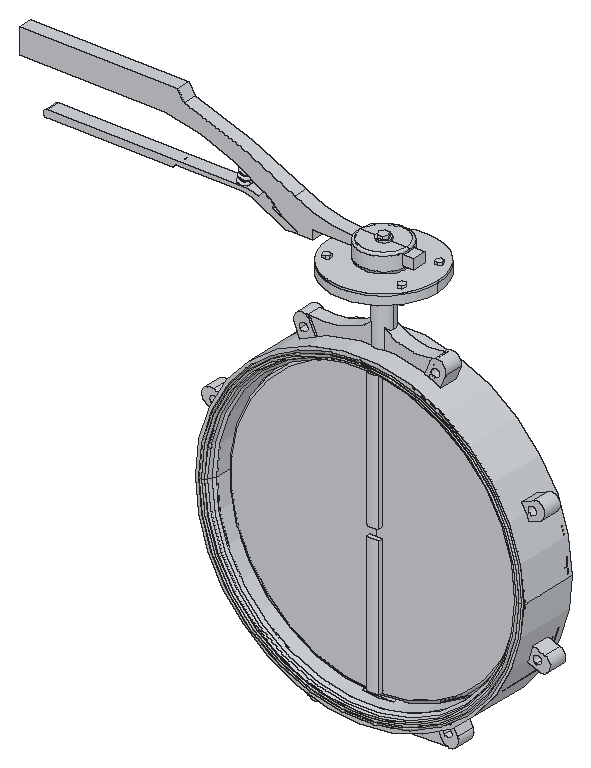
Revit family "R59FLY025", category Plumbing Fixtures, Revit 2015
Reference planes
  plane 1 "Center (Front/Back)": y = 0
  plane 2: z = 0
  plane 3 "Center (Left/Right)": x = 0
  plane 4: z = 274
  plane 5: x = -416
  plane 6: z = 376
  plane 7: z = -200
  plane 8: z = -30
  plane 9: z = 304
  plane 10: z = -30
  plane 11: y = -34.488
  plane 12: y = 34.012
  plane 13: x = -28.994
Forms (mm)
  Extrusion 1, solid
    sketch origin (0, 0, 264) x (1, 0, 0) y (0, 1, 0)
      loop
        circle (0, 0) r 62.5
    from 0 to 10
  Extrusion 2, solid
    sketch origin (0, 45.948, -6.573) x (1, 0, 0) y (0, 0, 1)
      loop
        arc (-96.679, 319.319) -> (-160.037, 348.333) -> (-226.103, 370.497) r 659.286
        line (-226.103, 370.497) -> (-233.075, 382.573) -> (-416, 382.573) -> (-416, 353.639) -> (-247.687, 353.639)
        arc (-247.687, 353.639) -> (-166.02, 330.17) -> (-97.024, 280.573) r 248.649
        line (-97.024, 280.573) -> (-75.568, 280.573) -> (-75.568, 291.199) -> (41.486, 291.199) -> (41.486, 302.179) -> (-30.767, 302.179)
        arc (-30.767, 302.179) -> (-64.704, 306.978) -> (-96.679, 319.319) r 150.722
    from 37.966 to 54.11
  Extrusion 3, solid
    sketch origin (-57.783, 45.948, -76.087) x (1, 0, 0) y (0, 0, 1)
      loop
        line (-96.037, 377.009) -> (-326.453, 377.009)
        arc (-326.453, 377.009) -> (-330.721, 372.741) -> (-326.453, 368.473) r 4.268
        line (-326.453, 368.473) -> (-181.017, 368.473) -> (-177.189, 372.301) -> (-103.305, 372.301)
        arc (-103.305, 372.301) -> (-95.507, 371.471) -> (-88.058, 369.019) r 37.057
        arc (-88.058, 369.019) -> (-68.407, 360.05) -> (-49.241, 350.087) r 421.945
        line (-49.241, 350.087) -> (-34.866, 350.087)
        arc (-34.866, 350.087) -> (-48.985, 359.43) -> (-64, 367.252) r 162.429
        line (-64, 367.252) -> (-63.437, 371.843) -> (-74.98, 380.231) -> (-80.609, 372.485)
        arc (-80.609, 372.485) -> (-88.159, 375.309) -> (-96.037, 377.009) r 55.494
    from 37.966 to 54.11
  Extrusion 4, solid
    sketch origin (0, 0, -76.95) x (1, 0, 0) y (0, 1, 0)
      loop
        circle (0, 0) r 12
    from 259.167 to 340.95
  Revolve 5, solid
    sketch origin (0, 0, 0) x (0, 1, 0) y (0, 0, 1)
      loop
        line (-1.078, -174.056) -> (1.078, -174.056) -> (1.078, -173.121)
        arc (1.078, -173.121) -> (1.953, -171.688) -> (3.478, -170.985) r 2.888
        line (3.478, -170.985) -> (6.599, -170.985)
        arc (6.599, -170.985) -> (9.772, -169.243) -> (11.11, -165.88) r 5.351
        line (11.11, -165.88) -> (11.11, 0) -> (-11.11, 0) -> (-11.11, -168.315)
        arc (-11.11, -168.315) -> (-10.328, -170.203) -> (-8.44, -170.985) r 2.67
        line (-8.44, -170.985) -> (-3.478, -170.985)
        arc (-3.478, -170.985) -> (-1.953, -171.688) -> (-1.078, -173.121) r 2.888
        line (-1.078, -173.121) -> (-1.078, -174.056)
      axis (11.11, 0) -> (-11.11, 0)
    angle from 0 to 360
  Blend 6, solid
    base sketch origin (0, 0, -4.163) x (1, 0, 0) y (0, 1, 0)
      loop
        line (-6.883, 16.4) -> (-6.883, -16.4)
        arc (-6.883, -16.4) -> (0, -18.078) -> (6.883, -16.4) r 14.953
        line (6.883, -16.4) -> (6.883, 16.4)
        arc (6.883, 16.4) -> (0, 18.078) -> (-6.883, 16.4) r 14.953
    top sketch origin (0, 0, 0) x (1, 0, 0) y (0, 1, 0)
      loop
        line (-6.883, 16.4) -> (-6.883, -16.4)
        arc (-6.883, -16.4) -> (0, -18.078) -> (6.883, -16.4) r 14.953
        line (6.883, -16.4) -> (6.883, 16.4)
        arc (6.883, 16.4) -> (0, 18.078) -> (-6.883, 16.4) r 14.953
    from 10.163 to 165
  Blend 7, solid
    base sketch origin (0, 0, -38.601) x (0, -1, 0) y (1, 0, 0)
      loop
        line (-16.4, -6.883) -> (16.4, -6.883)
        arc (16.4, -6.883) -> (18.078, 0) -> (16.4, 6.883) r 14.953
        line (16.4, 6.883) -> (-16.4, 6.883)
        arc (-16.4, 6.883) -> (-18.078, 0) -> (-16.4, -6.883) r 14.953
    top sketch origin (0, 0, -35.117) x (0, -1, 0) y (1, 0, 0)
      loop
        line (-16.4, -6.883) -> (16.4, -6.883)
        arc (16.4, -6.883) -> (18.078, 0) -> (16.4, 6.883) r 14.953
        line (16.4, 6.883) -> (-16.4, 6.883)
        arc (-16.4, 6.883) -> (-18.078, 0) -> (-16.4, -6.883) r 14.953
    from -127.676 to 29.117
  Extrusion 8, solid
    sketch origin (-55.072, 0, 115.013) x (0.99863, 0, -0.052336) y (0.052336, 0, 0.99863)
      loop
        line (-18.251, 60.114) -> (-25.459, 74.264)
        arc (-25.459, 74.264) -> (-38.908, 78.635) -> (-43.28, 65.186) r 10
        line (-43.28, 65.186) -> (-36.072, 51.036) -> (-18.251, 60.114)
      loop
        circle (-32.1, 65.269) r 5
    from -10.546 to 10.991
  Extrusion 9, solid
    sketch origin (42.384, 0, 120.268) x (0.669131, 0, -0.743145) y (0.743145, 0, 0.669131)
      loop
        line (-18.251, 60.114) -> (-25.459, 74.264)
        arc (-25.459, 74.264) -> (-38.908, 78.635) -> (-43.28, 65.186) r 10
        line (-43.28, 65.186) -> (-36.072, 51.036) -> (-18.251, 60.114)
      loop
        circle (-32.1, 65.269) r 5
    from -10.546 to 10.991
  Extrusion 10, solid
    sketch origin (115.013, 0, 55.072) x (-0.052336, 0, -0.99863) y (0.99863, 0, -0.052336)
      loop
        line (-18.251, 60.114) -> (-25.459, 74.264)
        arc (-25.459, 74.264) -> (-38.908, 78.635) -> (-43.28, 65.186) r 10
        line (-43.28, 65.186) -> (-36.072, 51.036) -> (-18.251, 60.114)
      loop
        circle (-32.1, 65.269) r 5
    from -10.546 to 10.991
  Extrusion 11, solid
    sketch origin (120.268, 0, -42.384) x (-0.743145, 0, -0.669131) y (0.669131, 0, -0.743145)
      loop
        line (-18.251, 60.114) -> (-25.459, 74.264)
        arc (-25.459, 74.264) -> (-38.908, 78.635) -> (-43.28, 65.186) r 10
        line (-43.28, 65.186) -> (-36.072, 51.036) -> (-18.251, 60.114)
      loop
        circle (-32.1, 65.269) r 5
    from -10.546 to 10.991
  Extrusion 12, solid
    sketch origin (55.072, 0, -115.013) x (-0.99863, 0, 0.052336) y (-0.052336, 0, -0.99863)
      loop
        line (-18.251, 60.114) -> (-25.459, 74.264)
        arc (-25.459, 74.264) -> (-38.908, 78.635) -> (-43.28, 65.186) r 10
        line (-43.28, 65.186) -> (-36.072, 51.036) -> (-18.251, 60.114)
      loop
        circle (-32.1, 65.269) r 5
    from -10.546 to 10.991
  Extrusion 13, solid
    sketch origin (-42.384, 0, -120.268) x (-0.669131, 0, 0.743145) y (-0.743145, 0, -0.669131)
      loop
        line (-18.251, 60.114) -> (-25.459, 74.264)
        arc (-25.459, 74.264) -> (-38.908, 78.635) -> (-43.28, 65.186) r 10
        line (-43.28, 65.186) -> (-36.072, 51.036) -> (-18.251, 60.114)
      loop
        circle (-32.1, 65.269) r 5
    from -10.546 to 10.991
  Extrusion 14, solid
    sketch origin (-115.013, 0, -55.072) x (0.052336, 0, 0.99863) y (-0.99863, 0, 0.052336)
      loop
        line (-18.251, 60.114) -> (-25.459, 74.264)
        arc (-25.459, 74.264) -> (-38.908, 78.635) -> (-43.28, 65.186) r 10
        line (-43.28, 65.186) -> (-36.072, 51.036) -> (-18.251, 60.114)
      loop
        circle (-32.1, 65.269) r 5
    from -10.546 to 10.991
  Extrusion 15, solid
    sketch origin (-120.268, 0, 42.384) x (0.743145, 0, 0.669131) y (-0.669131, 0, 0.743145)
      loop
        line (-18.251, 60.114) -> (-25.459, 74.264)
        arc (-25.459, 74.264) -> (-38.908, 78.635) -> (-43.28, 65.186) r 10
        line (-43.28, 65.186) -> (-36.072, 51.036) -> (-18.251, 60.114)
      loop
        circle (-32.1, 65.269) r 5
    from -10.546 to 10.991
  Extrusion 16, solid
    sketch origin (80.376, -27.447, 276) x (0, -1, 0) y (1, 0, 0)
      loop
        line (3.99, -123.113) -> (0.805, -120.344) -> (-3.184, -121.718) -> (-3.99, -125.86) -> (-0.805, -128.628) -> (3.184, -127.254) -> (3.99, -123.113)
    from 0 to 3
  Extrusion 17, solid
    sketch origin (80.376, -27.447, 256) x (0, -1, 0) y (1, 0, 0)
      loop
        circle (0, -124.486) r 3
    from 2.505 to 20
  Extrusion 18, solid
    sketch origin (80.376, -27.447, 263) x (0, -1, 0) y (1, 0, 0)
      loop
        line (3.99, -123.113) -> (0.805, -120.344) -> (-3.184, -121.718) -> (-3.99, -125.86) -> (-0.805, -128.628) -> (3.184, -127.254) -> (3.99, -123.113)
      loop
        line (-3.444, -125.672) -> (-0.695, -128.061) -> (2.749, -126.876) -> (3.444, -123.301) -> (0.695, -120.911) -> (-2.749, -122.097) -> (-3.444, -125.672)
    from -1.968 to 1
  Extrusion 19, solid, not visible
    sketch origin (26.117, -96.518, 104.233) x (0, -1, 0) y (1, 0, 0)
      loop
        line (3.99, -123.113) -> (0.805, -120.344) -> (-3.184, -121.718) -> (-3.99, -125.86) -> (-0.805, -128.628) -> (3.184, -127.254) -> (3.99, -123.113)
    from 0 to 3
  Extrusion 20, solid, not visible
    sketch origin (26.117, -96.518, 84.233) x (0, -1, 0) y (1, 0, 0)
      loop
        circle (0, -124.486) r 3
    from 2.505 to 20
  Extrusion 21, solid, not visible
    sketch origin (26.117, -96.518, 91.233) x (0, -1, 0) y (1, 0, 0)
      loop
        line (3.99, -123.113) -> (0.805, -120.344) -> (-3.184, -121.718) -> (-3.99, -125.86) -> (-0.805, -128.628) -> (3.184, -127.254) -> (3.99, -123.113)
      loop
        line (-3.444, -125.672) -> (-0.695, -128.061) -> (2.749, -126.876) -> (3.444, -123.301) -> (0.695, -120.911) -> (-2.749, -122.097) -> (-3.444, -125.672)
    from -1.968 to 1
  Extrusion 22, solid
    sketch origin (0, 0, 274) x (1, 0, 0) y (0, 1, 0)
      loop
        circle (0, 0) r 62.5
    from 0 to 2
  Extrusion 23, solid
    sketch origin (80.376, -27.447, 276) x (0, -1, 0) y (1, 0, 0)
      loop
        line (-58.884, -123.113) -> (-58.079, -127.254) -> (-54.09, -128.628) -> (-50.905, -125.86) -> (-51.71, -121.718) -> (-55.7, -120.344) -> (-58.884, -123.113)
    from 0 to 3
  Extrusion 24, solid
    sketch origin (80.376, -27.447, 256) x (0, -1, 0) y (1, 0, 0)
      loop
        circle (-54.895, -124.486) r 3
    from 2.505 to 20
  Extrusion 25, solid
    sketch origin (80.376, -27.447, 263) x (0, -1, 0) y (1, 0, 0)
      loop
        line (-58.884, -123.113) -> (-58.079, -127.254) -> (-54.09, -128.628) -> (-50.905, -125.86) -> (-51.71, -121.718) -> (-55.7, -120.344) -> (-58.884, -123.113)
      loop
        line (-51.451, -125.672) -> (-52.146, -122.097) -> (-55.59, -120.911) -> (-58.339, -123.301) -> (-57.644, -126.876) -> (-54.2, -128.061) -> (-51.451, -125.672)
    from -1.968 to 1
  Extrusion 26, solid
    sketch origin (-81.626, 27.447, 276) x (0, 1, 0) y (-1, 0, 0)
      loop
        line (-58.884, -123.113) -> (-58.079, -127.254) -> (-54.09, -128.628) -> (-50.905, -125.86) -> (-51.71, -121.718) -> (-55.7, -120.344) -> (-58.884, -123.113)
    from 0 to 3
  Extrusion 27, solid
    sketch origin (-81.626, 27.447, 256) x (0, 1, 0) y (-1, 0, 0)
      loop
        circle (-54.895, -124.486) r 3
    from 2.505 to 20
  Extrusion 28, solid
    sketch origin (-81.626, 27.447, 263) x (0, 1, 0) y (-1, 0, 0)
      loop
        line (-58.884, -123.113) -> (-58.079, -127.254) -> (-54.09, -128.628) -> (-50.905, -125.86) -> (-51.71, -121.718) -> (-55.7, -120.344) -> (-58.884, -123.113)
      loop
        line (-51.451, -125.672) -> (-52.146, -122.097) -> (-55.59, -120.911) -> (-58.339, -123.301) -> (-57.644, -126.876) -> (-54.2, -128.061) -> (-51.451, -125.672)
    from -1.968 to 1
  Extrusion 29, solid
    sketch origin (-81.626, 27.447, 276) x (0, 1, 0) y (-1, 0, 0)
      loop
        line (3.99, -123.113) -> (0.805, -120.344) -> (-3.184, -121.718) -> (-3.99, -125.86) -> (-0.805, -128.628) -> (3.184, -127.254) -> (3.99, -123.113)
    from 0 to 3
  Extrusion 30, solid
    sketch origin (-81.626, 27.447, 256) x (0, 1, 0) y (-1, 0, 0)
      loop
        circle (0, -124.486) r 3
    from 2.505 to 20
  Extrusion 31, solid
    sketch origin (-81.626, 27.447, 263) x (0, 1, 0) y (-1, 0, 0)
      loop
        line (3.99, -123.113) -> (0.805, -120.344) -> (-3.184, -121.718) -> (-3.99, -125.86) -> (-0.805, -128.628) -> (3.184, -127.254) -> (3.99, -123.113)
      loop
        line (-3.444, -125.672) -> (-0.695, -128.061) -> (2.749, -126.876) -> (3.444, -123.301) -> (0.695, -120.911) -> (-2.749, -122.097) -> (-3.444, -125.672)
    from -1.968 to 1
  Extrusion 32, solid
    sketch origin (125.063, -27.447, 301.144) x (0, -1, 0) y (1, 0, 0)
      loop
        line (-32.638, -122.069) -> (-32.638, -128.062) -> (-27.447, -131.059) -> (-22.257, -128.062) -> (-22.257, -122.069) -> (-27.447, -119.072) -> (-32.638, -122.069)
    from -1.014 to 2.856
  Extrusion 33, solid
    sketch origin (124.477, -54.895, 296.2) x (0, -1, 0) y (1, 0, 0)
      loop
        circle (-54.895, -124.486) r 8
    from -22.2 to 3.931
  Sweep 34, solid
    path origin (0, 0, 0) x (1, 0, 0) y (0, 0, 1)
      loop
        circle (0, 0) r 191
    profile origin (0, 0, -191) x (0, 0, 1) y (0, -1, 0)
      loop
        line (16.683, -24.571) -> (16.683, 25.134) -> (13.454, 28.363) -> (12.517, 31.861) -> (10.888, 34.203) -> (9.28, 34.203)
        arc (9.28, 34.203) -> (8.267, 35.216) -> (7.253, 34.203) r 1.014
        line (7.253, 34.203) -> (5.98, 34.203)
        arc (5.98, 34.203) -> (4.966, 35.216) -> (3.952, 34.203) r 1.014
        line (3.952, 34.203) -> (0.625, 34.203) -> (0.625, -33.64) -> (3.952, -33.64)
        arc (3.952, -33.64) -> (4.966, -34.653) -> (5.98, -33.64) r 1.014
        line (5.98, -33.64) -> (7.253, -33.64)
        arc (7.253, -33.64) -> (8.267, -34.653) -> (9.28, -33.64) r 1.014
        line (9.28, -33.64) -> (10.888, -33.64) -> (12.517, -31.298) -> (13.454, -27.8) -> (16.683, -24.571)
  Extrusion 35, solid
    sketch origin (0, 0, 124.34) x (1, 0, 0) y (0, 0, 1)
      loop
        line (-74.325, 51.425) -> (58.682, 51.425) -> (68.64, 77.357)
        arc (68.64, 77.357) -> (32.9, 75.966) -> (1.583, 93.246) r 66.671
        line (1.583, 93.246) -> (1.583, 72.112) -> (-1.691, 72.112) -> (-1.691, 93.246)
        arc (-1.691, 93.246) -> (-39.426, 73.615) -> (-81.89, 71.126) r 101.752
        line (-81.89, 71.126) -> (-74.325, 51.425)
    from -7.881 to 9.454
  Extrusion 36, solid
    sketch origin (-2.813, 0.293, -84.932) x (1, 0, 0) y (0, 0, 1)
      loop
        line (86.24, -111.416) -> (75.638, -87.604) -> (-53.048, -87.604) -> (-64.209, -116.67) -> (86.24, -111.416)
    from -9.388 to 9.974
  Revolve 37, solid
    sketch origin (0, 0, 134) x (1, 0, 0) y (0, 0, 1)
      loop
        line (-26.486, 143.746) -> (0, 143.746) -> (0, 165) -> (-26.486, 165)
        arc (-26.486, 165) -> (-28.259, 164.265) -> (-28.994, 162.492) r 2.508
        line (-28.994, 162.492) -> (-28.994, 146.254)
        arc (-28.994, 146.254) -> (-28.259, 144.481) -> (-26.486, 143.746) r 2.508
      axis (0, 143.746) -> (0, 165)
    angle from 0 to 360
  Sweep 38, solid
    path origin (-68.156, 0, 300.496) x (0.978732, 0, -0.205142) y (0, 1, 0)
      loop
        circle (-92.344, 0) r 5
    profile origin (-158.536, 5, 319.439) x (0, -1, 0) y (0.205142, 0, 0.978732)
      loop
        circle (0, 0) r 2
  Sweep 39, solid
    path origin (-69.24, 0, 294.236) x (0.978732, 0, -0.205142) y (0, 1, 0)
      loop
        circle (-92.344, 0) r 5
    profile origin (-159.62, 5, 313.18) x (0, -1, 0) y (0.205142, 0, 0.978732)
      loop
        circle (0, 0) r 2
  Sweep 40, solid
    path origin (-70.258, 0, 288.62) x (0.978732, 0, -0.205142) y (0, 1, 0)
      loop
        circle (-92.344, 0) r 5
    profile origin (-160.638, 5, 307.564) x (0, -1, 0) y (0.205142, 0, 0.978732)
      loop
        circle (0, 0) r 2
  Sweep 41, solid
    path origin (-71.686, 0, 281.994) x (0.978732, 0, -0.205142) y (0, 1, 0)
      loop
        circle (-92.344, 0) r 5
    profile origin (-162.066, 5, 300.938) x (0, -1, 0) y (0.205142, 0, 0.978732)
      loop
        circle (0, 0) r 2
  Sweep 42, solid
    path origin (-0.002, 0, 0) x (1, 0, 0) y (0, 0, 1)
      loop
        circle (0, 0) r 191
    profile origin (-0.002, 0, -191) x (0, 0, 1) y (0, -1, 0)
      loop
        line (0, 34.488) -> (0, -34.012) -> (3.915, -34.012) -> (3.915, 34.488) -> (0, 34.488)
Dimensions and locks
  plane 2 to plane 4 = 274 mm
  locked: plane 3 "Center (Left/Right)" to plane 5 at 416
  locked: level to plane 6 at 376
  plane 7 to level = 200 mm
  locked: plane 4 to plane 9 at 30
  plane 12 to plane 11 = 68.5 mm
  aligned and locked: level to plane 2
